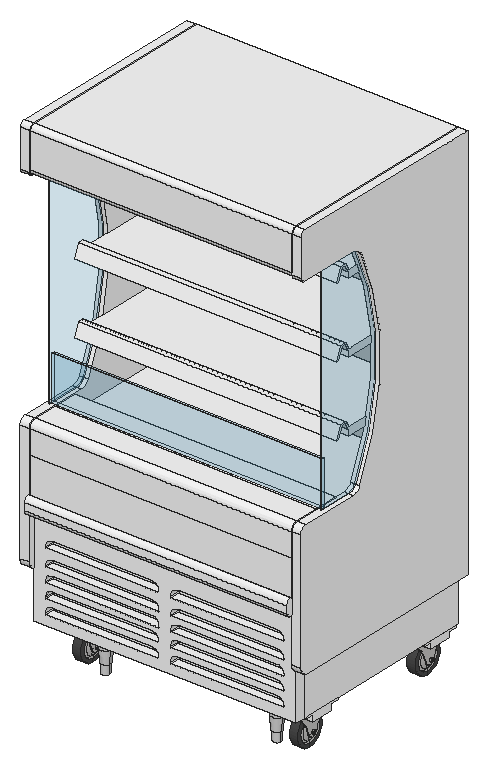
Revit family "QF_EVEREST_EOMV-36-_-28-S_cat", category Specialty Equipment, Revit 2016
Family settings
  Part Type = Normal
  Round Connector Dimension = Use Diameter
  Work Plane-Based = No
  Always vertical = Yes
  Cut with Voids When Loaded = No
  Shared = No
  Room Calculation Point = No
Parameters (values of type "EOMV-36-B-28-S")
  Weight in Pounds = 0
  Watts = if(Phase = 3, Volts * FL Amps * 1.73, Volts * FL Amps)  # 808.45 W
  Volts = 115 V
  URL Cutsheet = ""
  Specification by User = ""
  Specification by Manufacturer = ""
  Serial Number = ""
  Seismic Rating = ""
  SMACNA No = ""
  Revision Code = ""
  Refrigerant Volume = 0.00 kip
  Refrigerant Type = "R290"
  Phase = 1
  Number of Poles = 1
  NAFEM Spec ID Number = ""
  Model = "EOMV-36-B-28-S"
  Min Ckt Ampacity = 0 A
  Max Overcurrent Protection = 0 A
  Materials and Finishes = QF_Plastic - White - Smooth
  Masterspec = ""
  Manufacturer = "EVEREST"
  Length = 37 1/4"
  Item Number = ""
  Installed By = ""
  Identify Quantity as Lot = yes
  Height = 65 1/8"
  HP = "1/2"
  Furnished By = ""
  Foodservice Equipment Identifier = yes
  FL Amps = 7.03 A
  Electrical Remarks = ""
  Electric Connection Type = ""
  Elec Conn RI Height = 0"
  Elec Conn Connection Height = 0"
  Description = "OPEN AIR MERCHANDISERS"
  Depth = 28 3/8"
  Cycle = 60 Hz
  Conn Plug = ""
  Conn Conduit = yes
  CSI MasterFormat = ""
  BTUH = 0.0 Btu/h
  Apparent Power = if(Phase = 3, Volts * FL Amps * 1.73, Volts * FL Amps)  # 808.45 VA
Types (2): name | Model
  EOMV-36-B-28-S | "EOMV-36-B-28-S"
  EOMV-36-W-28-S | "EOMV-36-W-28-S"
Reference planes (in)
  plane 1 "BACK": y = 0
  plane 2: z = 0
  plane 3 "LEFT": x = 0
  plane 4 "RIGHT": x = 37.25
  plane 5 "FRONT": y = -28.375
  plane 6 "TOP": z = 65.125
  plane 7 "Center Y": x = 18.625
  plane 8 "Center X": y = -14.1875
  plane 9: z = 5
  plane 10: z = 28.01517
  plane 11: z = 36.39017
  plane 12: z = 37.39017
  plane 13: z = 45.76517
  plane 14: z = 56.14017
  plane 15: z = 64.51517
Forms (in)
  Extrusion 1, solid, material "QF_Plastic - White - Smooth" <- "Materials and Finishes"
    sketch origin (37.25, 6.625, 0) x (0, -1, 0) y (0, 0, 1)
      loop
        arc (25.51098, 30.01333) -> (24.85902, 30.19682) -> (24.39846, 30.69342) r 1.25
        arc (24.39846, 30.69342) -> (21.05787, 44.53599) -> (24.39332, 58.3798) r 30.3737
        arc (24.39332, 58.3798) -> (24.93646, 58.88614) -> (25.6559, 59.06993) r 1.5
        line (25.6559, 59.06993) -> (33.64975, 59.06993)
        arc (33.64975, 59.06993) -> (34.0033, 59.21637) -> (34.14975, 59.56993) r 0.5
        line (34.14975, 59.56993) -> (34.14975, 64.4962)
        arc (34.14975, 64.4962) -> (33.96557, 64.94083) -> (33.52094, 65.125) r 0.6288
        line (33.52094, 65.125) -> (6.625, 65.125) -> (6.625, 12.267) -> (33.25, 12.267)
        arc (33.25, 12.267) -> (33.95711, 12.55989) -> (34.25, 13.267) r 1
        line (34.25, 13.267) -> (34.25, 29.14509)
        arc (34.25, 29.14509) -> (33.9957, 29.75903) -> (33.38176, 30.01333) r 0.86824
        line (33.38176, 30.01333) -> (25.51098, 30.01333)
    from 0 to 1.22604
  Extrusion 2, solid, material "QF_Plastic - White - Smooth" <- "Materials and Finishes"
    sketch origin (0, 6.625, 0) x (0, 1, 0) y (0, 0, 1)
      loop
        line (-6.625, 65.125) -> (-33.52094, 65.125)
        arc (-33.52094, 65.125) -> (-33.96557, 64.94083) -> (-34.14975, 64.4962) r 0.6288
        line (-34.14975, 64.4962) -> (-34.14975, 59.81993)
        arc (-34.14975, 59.81993) -> (-34.0033, 59.46637) -> (-33.64975, 59.31993) r 0.5
        line (-33.64975, 59.31993) -> (-31.89975, 59.31993) -> (-31.89975, 63.125) -> (-12.625, 63.125) -> (-12.625, 26.017) -> (-33.25, 26.017) -> (-33.25, 21.29979) -> (-34.35184, 21.29979)
        arc (-34.35184, 21.29979) -> (-34.81016, 21.10995) -> (-35, 20.65164) r 0.64816
        line (-35, 20.65164) -> (-35, 19.73115)
        arc (-35, 19.73115) -> (-34.82789, 19.31565) -> (-34.41239, 19.14354) r 0.58761
        line (-34.41239, 19.14354) -> (-33.25, 19.14354) -> (-32.25, 19.14354) -> (-32.25, 6.017) -> (-6.625, 6.017) -> (-6.625, 65.125)
    from 1.22604 to 36.02396
  Extrusion 3, solid, material "QF_Plastic - White - Smooth" <- "Materials and Finishes"
    sketch origin (0, -25.625, 6.017) x (0, 0, 1) y (-1, 0, 0)
      loop
        line (13.12655, -1.22604) -> (0, -1.22604) -> (0, -36.02396) -> (13.12655, -36.02396) -> (13.12655, -1.22604)
      loop
        arc (10.31385, -3.79099) -> (10.02095, -3.08389) -> (9.31385, -2.79099) r 1
        line (9.31385, -2.79099) -> (9.12635, -2.79099) -> (9.12635, -17.85349) -> (9.31385, -17.85349)
        arc (9.31385, -17.85349) -> (10.02095, -17.5606) -> (10.31385, -16.85349) r 1
        line (10.31385, -16.85349) -> (10.31385, -3.79099)
      loop
        line (10.31385, -33.45901) -> (10.31385, -20.39651)
        arc (10.31385, -20.39651) -> (10.02095, -19.6894) -> (9.31385, -19.39651) r 1
        line (9.31385, -19.39651) -> (9.12635, -19.39651) -> (9.12635, -34.45901) -> (9.31385, -34.45901)
        arc (9.31385, -34.45901) -> (10.02095, -34.16611) -> (10.31385, -33.45901) r 1
      loop
        arc (8.06385, -3.79099) -> (7.77095, -3.08389) -> (7.06385, -2.79099) r 1
        line (7.06385, -2.79099) -> (6.87635, -2.79099) -> (6.87635, -17.85349) -> (7.06385, -17.85349)
        arc (7.06385, -17.85349) -> (7.77095, -17.5606) -> (8.06385, -16.85349) r 1
        line (8.06385, -16.85349) -> (8.06385, -3.79099)
      loop
        line (8.06385, -33.45901) -> (8.06385, -20.39651)
        arc (8.06385, -20.39651) -> (7.77095, -19.6894) -> (7.06385, -19.39651) r 1
        line (7.06385, -19.39651) -> (6.87635, -19.39651) -> (6.87635, -34.45901) -> (7.06385, -34.45901)
        arc (7.06385, -34.45901) -> (7.77095, -34.16611) -> (8.06385, -33.45901) r 1
      loop
        arc (6.19272, -3.79099) -> (5.89982, -3.08389) -> (5.19272, -2.79099) r 1
        line (5.19272, -2.79099) -> (5.00522, -2.79099) -> (5.00522, -17.85349) -> (5.19272, -17.85349)
        arc (5.19272, -17.85349) -> (5.89982, -17.5606) -> (6.19272, -16.85349) r 1
        line (6.19272, -16.85349) -> (6.19272, -3.79099)
      loop
        line (6.19272, -33.45901) -> (6.19272, -20.39651)
        arc (6.19272, -20.39651) -> (5.89982, -19.6894) -> (5.19272, -19.39651) r 1
        line (5.19272, -19.39651) -> (5.00522, -19.39651) -> (5.00522, -34.45901) -> (5.19272, -34.45901)
        arc (5.19272, -34.45901) -> (5.89982, -34.16611) -> (6.19272, -33.45901) r 1
      loop
        arc (4.32159, -3.79099) -> (4.02869, -3.08389) -> (3.32159, -2.79099) r 1
        line (3.32159, -2.79099) -> (3.13409, -2.79099) -> (3.13409, -17.85349) -> (3.32159, -17.85349)
        arc (3.32159, -17.85349) -> (4.02869, -17.5606) -> (4.32159, -16.85349) r 1
        line (4.32159, -16.85349) -> (4.32159, -3.79099)
      loop
        line (4.32159, -33.45901) -> (4.32159, -20.39651)
        arc (4.32159, -20.39651) -> (4.02869, -19.6894) -> (3.32159, -19.39651) r 1
        line (3.32159, -19.39651) -> (3.13409, -19.39651) -> (3.13409, -34.45901) -> (3.32159, -34.45901)
        arc (3.32159, -34.45901) -> (4.02869, -34.16611) -> (4.32159, -33.45901) r 1
      loop
        arc (2.45046, -3.79099) -> (2.15757, -3.08389) -> (1.45046, -2.79099) r 1
        line (1.45046, -2.79099) -> (1.26296, -2.79099) -> (1.26296, -17.85349) -> (1.45046, -17.85349)
        arc (1.45046, -17.85349) -> (2.15757, -17.5606) -> (2.45046, -16.85349) r 1
        line (2.45046, -16.85349) -> (2.45046, -3.79099)
      loop
        line (2.45046, -33.45901) -> (2.45046, -20.39651)
        arc (2.45046, -20.39651) -> (2.15757, -19.6894) -> (1.45046, -19.39651) r 1
        line (1.45046, -19.39651) -> (1.26296, -19.39651) -> (1.26296, -34.45901) -> (1.45046, -34.45901)
        arc (1.45046, -34.45901) -> (2.15757, -34.16611) -> (2.45046, -33.45901) r 1
    from 0 to 1.24485
  Extrusion 4, solid, material "QF_Plastic - White - Smooth" <- "Materials and Finishes"
    sketch origin (1.22604, 6.625, 0) x (0, 1, 0) y (0, 0, 1)
      loop
        line (-33.25, 21.29979) -> (-33.25, 26.017) -> (-34.25, 26.017) -> (-34.25, 21.29979) -> (-33.25, 21.29979)
    from 0 to 34.79793
  Extrusion 5, solid, material "QF_Plastic - White - Smooth" <- "Materials and Finishes"
    sketch origin (1.22604, 6.625, 0) x (0, 1, 0) y (0, 0, 1)
      loop
        line (-30, 30.01333) -> (-30, 26.017) -> (-12.625, 26.017) -> (-12.625, 28.01517) -> (-26.875, 28.01517) -> (-26.875, 30.01333) -> (-30, 30.01333)
    from 0 to 34.79793
  Extrusion 6, solid, material "QF_Plastic - White - Smooth" <- "Materials and Finishes"
    sketch origin (0, 6.625, 0) x (0, 1, 0) y (0, 0, 1)
      loop
        line (-31.77475, 6.017) -> (-31.77475, 5.767) -> (-30.71368, 5.767) -> (-30.71368, 5) -> (-27.71368, 5) -> (-27.71368, 5.767) -> (-26.66918, 5.767) -> (-26.66918, 6.017) -> (-31.77475, 6.017)
      loop
        line (-12.20569, 6.017) -> (-12.20569, 5.767) -> (-11.14462, 5.767) -> (-11.14462, 5) -> (-8.14462, 5) -> (-8.14462, 5.767) -> (-7.10012, 5.767) -> (-7.10012, 6.017) -> (-12.20569, 6.017)
    from 1.22604 to 36.02396
  Extrusion 7, solid, material "Glass"
    sketch origin (37.25, 6.625, 0) x (0, 1, 0) y (0, 0, 1)
      loop
        line (-30.14975, 59.06993) -> (-30.14975, 30.01333) -> (-25.51098, 30.01333)
        arc (-25.51098, 30.01333) -> (-24.85902, 30.19682) -> (-24.39846, 30.69342) r 1.25
        arc (-24.39846, 30.69342) -> (-21.05787, 44.53599) -> (-24.39332, 58.3798) r 30.3737
        arc (-24.39332, 58.3798) -> (-24.93646, 58.88614) -> (-25.6559, 59.06993) r 1.5
        line (-25.6559, 59.06993) -> (-30.14975, 59.06993)
    from -0.49624 to -0.69824
  Extrusion 8, solid, material "QF_Plastic - White - Smooth"
    sketch origin (0, 6.625, 0) x (0, 1, 0) y (0, 0, 1)
      loop
        line (-24.8125, 37.39017) -> (-25.3125, 38.25619) -> (-26.0625, 38.25619) -> (-26.80208, 36.67015) -> (-26.66416, 36.67015) -> (-25.98287, 38.13119) -> (-25.38467, 38.13119) -> (-24.8125, 37.14017) -> (-24.8125, 36.39017) -> (-12.625, 36.39017) -> (-12.625, 37.39017) -> (-24.8125, 37.39017)
      loop
        line (-24.8125, 46.76517) -> (-25.3125, 47.63119) -> (-26.0625, 47.63119) -> (-26.80208, 46.04515) -> (-26.66416, 46.04515) -> (-25.98287, 47.50619) -> (-25.38467, 47.50619) -> (-24.8125, 46.51517) -> (-24.8125, 45.76517) -> (-12.625, 45.76517) -> (-12.625, 46.76517) -> (-24.8125, 46.76517)
      loop
        line (-24.8125, 56.14017) -> (-25.3125, 57.00619) -> (-26.0625, 57.00619) -> (-26.80208, 55.42015) -> (-26.66416, 55.42015) -> (-25.98287, 56.88119) -> (-25.38467, 56.88119) -> (-24.8125, 55.89017) -> (-24.8125, 55.14017) -> (-12.625, 55.14017) -> (-12.625, 56.14017) -> (-24.8125, 56.14017)
    from 1.22604 to 36.02396
  Extrusion 9, solid, material "QF_Plastic - White - Smooth" <- "Materials and Finishes"
    sketch origin (0, 0, 0) x (0, 1, 0) y (0, 0, 1)
      loop
        line (-18.88598, 30.01333) -> (-26.75676, 30.01333)
        arc (-26.75676, 30.01333) -> (-27.3707, 29.75903) -> (-27.625, 29.14509) r 0.86824
        line (-27.625, 29.14509) -> (-27.625, 13.267)
        arc (-27.625, 13.267) -> (-27.33211, 12.55989) -> (-26.625, 12.267) r 1
        line (-26.625, 12.267) -> (0, 12.267) -> (0, 65.125) -> (-26.89594, 65.125)
        arc (-26.89594, 65.125) -> (-27.34057, 64.94083) -> (-27.52475, 64.4962) r 0.6288
        line (-27.52475, 64.4962) -> (-27.52475, 59.56993)
        arc (-27.52475, 59.56993) -> (-27.3783, 59.21637) -> (-27.02475, 59.06993) r 0.5
        line (-27.02475, 59.06993) -> (-19.0309, 59.06993)
        arc (-19.0309, 59.06993) -> (-18.31146, 58.88614) -> (-17.76832, 58.3798) r 1.5
        arc (-17.76832, 58.3798) -> (-14.43287, 44.53599) -> (-17.77346, 30.69342) r 30.3737
        arc (-17.77346, 30.69342) -> (-18.23402, 30.19682) -> (-18.88598, 30.01333) r 1.25
    from 0 to 1.22604
  Extrusion 10, solid, material "Glass"
    sketch origin (0, 6.625, 0) x (0, 1, 0) y (0, 0, -1)
      loop
        line (-30.14975, -59.06993) -> (-25.6559, -59.06993)
        arc (-25.6559, -59.06993) -> (-24.93646, -58.88614) -> (-24.39332, -58.3798) r 1.5
        arc (-24.39332, -58.3798) -> (-21.05787, -44.53599) -> (-24.39846, -30.69342) r 30.3737
        arc (-24.39846, -30.69342) -> (-24.85902, -30.19682) -> (-25.51098, -30.01333) r 1.25
        line (-25.51098, -30.01333) -> (-30.14975, -30.01333) -> (-30.14975, -59.06993)
    from -0.49624 to -0.69824
  Extrusion 11, solid, material "QF_Plastic - White - Smooth" <- "Materials and Finishes"
    sketch origin (1.22604, 0, 0) x (0, 1, 0) y (0, 0, 1)
      loop
        line (-27.625, 26.017) -> (-23.375, 26.017) -> (-23.375, 30.01333) -> (-26.75676, 30.01333)
        arc (-26.75676, 30.01333) -> (-27.3707, 29.75903) -> (-27.625, 29.14509) r 0.86824
        line (-27.625, 29.14509) -> (-27.625, 26.017)
    from 0 to 34.79793
  Extrusion 12, solid, material "QF_Plastic - White - Smooth" <- "Materials and Finishes"
    sketch origin (0, -6, 80.69493) x (0, 0, -1) y (1, 0, 0)
      loop
        line (25.55476, 1.22604) -> (33.92976, 1.22604) -> (33.92976, 2.22604) -> (25.55476, 2.22604) -> (25.55476, 1.22604)
      loop
        line (34.92976, 1.22604) -> (43.30476, 1.22604) -> (43.30476, 2.22604) -> (34.92976, 2.22604) -> (34.92976, 1.22604)
      loop
        line (44.30476, 1.22604) -> (54.67793, 1.22604) -> (54.67793, 2.22604) -> (44.30476, 2.22604) -> (44.30476, 1.22604)
      loop
        line (17.56993, 1.22604) -> (24.55476, 1.22604) -> (24.55476, 2.22604) -> (17.56993, 2.22604) -> (17.56993, 1.22604)
      loop
        line (25.55476, 36.02396) -> (25.55476, 35.02396) -> (33.92976, 35.02396) -> (33.92976, 36.02396) -> (25.55476, 36.02396)
      loop
        line (34.92976, 36.02396) -> (34.92976, 35.02396) -> (43.30476, 35.02396) -> (43.30476, 36.02396) -> (34.92976, 36.02396)
      loop
        line (44.30476, 36.02396) -> (44.30476, 35.02396) -> (54.67793, 35.02396) -> (54.67793, 36.02396) -> (44.30476, 36.02396)
      loop
        line (17.56993, 36.02396) -> (17.56993, 35.02396) -> (24.55476, 35.02396) -> (24.55476, 36.02396) -> (17.56993, 36.02396)
    from 0 to 0.5
  Extrusion 13, solid, material "Glass"
    sketch origin (0.69824, -173.375, 77.19493) x (0, 0, -1) y (0, 1, 0)
      loop
        line (47.18159, 150.10025) -> (47.18159, 150.60025) -> (41.18159, 150.60025) -> (41.18159, 150.10025) -> (47.18159, 150.10025)
    from 0 to 35.85352
  Extrusion 14, solid, material "QF_Metal - Stainless - Polished"
    sketch origin (0, 0.75, 0) x (1, 0, 0) y (0, 1, 0)
      loop
        line (17.93111, 0.25) -> (17.62982, -0.625) -> (17.14606, -0.625) -> (17.08777, -0.75) -> (17.71898, -0.75) -> (18.02027, 0.125) -> (19.22973, 0.125) -> (19.53102, -0.75) -> (20.16223, -0.75) -> (20.10394, -0.625) -> (19.62018, -0.625) -> (19.31889, 0.25) -> (17.93111, 0.25)
    from 30.20553 to 31.45625
Lines and regions (in)
  symbolic lines
    curve 1: line (0, -27.625, 0) -> (37.25, -27.625, 0)
    curve 2: line (0, 0, 0) -> (0, -27.625, 0)
    curve 3: line (37.25, 0, 0) -> (0, 0, 0)
    curve 4: line (37.25, -27.625, 0) -> (37.25, 0, 0)
    curve 5: line (1.22604, -28.375, 0) -> (1.22604, -27.625, 0)
    curve 6: line (1.22604, -28.375, 0) -> (36.02396, -28.375, 0)
    curve 7: line (36.02396, -28.375, 0) -> (36.02396, -27.625, 0)
    curve 8: line (1.22604, 0, 0) -> (1.22604, -27.625, 0)
    curve 9: line (36.02396, 0, 0) -> (36.02396, -27.625, 0)
    curve 10: line (19.31889, 1, 0) -> (17.93111, 1, 0)
    curve 11: line (17.14606, 0.125, 0) -> (17.08777, 0, 0)
    curve 12: line (19.62018, 0.125, 0) -> (19.31889, 1, 0)
    curve 13: line (20.10394, 0.125, 0) -> (19.62018, 0.125, 0)
    curve 14: line (20.16223, 0, 0) -> (20.10394, 0.125, 0)
    curve 15: line (19.22973, 0.875, 0) -> (19.53102, 0, 0)
    curve 16: line (18.02027, 0.875, 0) -> (19.22973, 0.875, 0)
    curve 17: line (17.71898, 0, 0) -> (18.02027, 0.875, 0)
    curve 18: line (17.93111, 1, 0) -> (17.62982, 0.125, 0)
    curve 19: line (17.62982, 0.125, 0) -> (17.14606, 0.125, 0)
Dimensions and locks (in)
  equal spacing: plane 3 "LEFT", plane 7 "Center Y", plane 4 "RIGHT"
  "Length": plane 3 "LEFT" to plane 4 "RIGHT"
  equal spacing: plane 5 "FRONT", plane 8 "Center X", plane 1 "BACK"
  "Depth": plane 5 "FRONT" to plane 1 "BACK"
  "Height": plane 6 "TOP" to level
  plane 5 "FRONT" to plane 1 "BACK" = 28 3/8"
  plane 9 to plane 2 = 5"
  plane 4 "RIGHT" to plane 3 "LEFT" = 37 1/4"
  plane 6 "TOP" to plane 9 = 60 1/8"
  Extrusion 1 to level = 30.01333"
  plane 10 to plane 11 = 8 3/8"
  Extrusion 8 to Extrusion 8 = 8 3/8"  (x2)
  Extrusion 8 to plane 15 = 8 3/8"
  Extrusion 5 to Extrusion 8 = 8 3/8"
  Extrusion 5 to Extrusion 12 = 14 1/4"
  aligned and locked: plane 2 to level
Automatic sketch dimensions
  curve 3 to plane 3 "LEFT" = 0"
  plane 5 "FRONT" to curve 6 = 0"
  curve 1 to plane 4 "RIGHT" = 0"
  plane 3 "LEFT" to curve 6 = 1.22604"
  plane 4 "RIGHT" to curve 6 = 1.22604"
  curve 2 to plane 5 "FRONT" = 3/4"
  curve 8 to curve 5 = 0"
  plane 4 "RIGHT" to curve 9 = 1.22604"
  Extrusion 1 sketch curve to plane 1 "BACK" = 0"
  Extrusion 1 sketch curve to plane 6 "TOP" = 0"
  Extrusion 1 sketch curve to plane 10 = 1.99817"
  Extrusion 1 sketch curve to plane 8 "Center X" = 4.69848"
  Extrusion 1 sketch curve to plane 8 "Center X" = 4.8434"
  Extrusion 1 sketch curve to plane 5 "FRONT" = 1 3/4"
  Extrusion 1 sketch curve to plane 5 "FRONT" = 1.61824"
  Extrusion 1 sketch curve to plane 5 "FRONT" = 1.47906"
  Extrusion 1 sketch curve to plane 5 "FRONT" = 1.35025"
  plane 15 to Extrusion 1 sketch curve = 0.01897"
  Extrusion 1 sketch curve to plane 5 "FRONT" = 3/4"
  plane 13 to Extrusion 1 sketch curve = 1.22354"
  plane 5 "FRONT" to Extrusion 1 sketch curve = 16.43157"
  plane 9 to Extrusion 1 sketch curve = 8.267"
  Extrusion 1 sketch curve to Extrusion 1 sketch curve = 1 1/4"
  Extrusion 1 sketch curve to plane 14 = 1.42976"
  Extrusion 1 sketch curve to Extrusion 1 sketch curve = 1 1/2"
  Extrusion 1 sketch curve to Extrusion 1 sketch curve = 1.26258"
  Extrusion 2 sketch curve to plane 5 "FRONT" = 0"
  Extrusion 2 sketch curve to plane 6 "TOP" = 0"
  Extrusion 2 sketch curve to plane 1 "BACK" = 0"
  Extrusion 2 sketch curve to plane 5 "FRONT" = 0.58761"
  Extrusion 2 sketch curve to plane 5 "FRONT" = 0.64816"
  plane 15 to Extrusion 2 sketch curve = 0.01897"
  Extrusion 2 sketch curve to plane 5 "FRONT" = 0.85025"
  Extrusion 2 sketch curve to Extrusion 2 sketch curve = 1/2"
  Extrusion 2 sketch curve to plane 5 "FRONT" = 1 3/4"
  Extrusion 2 sketch curve to Extrusion 2 sketch curve = 1.16239"
  plane 9 to Extrusion 2 sketch curve = 1.017"
  Extrusion 2 sketch curve to plane 5 "FRONT" = 2 3/4"
  Extrusion 2 sketch curve to Extrusion 2 sketch curve = 1.6212"
  plane 10 to Extrusion 2 sketch curve = 8.87162"
  Extrusion 2 sketch curve to Extrusion 2 sketch curve = 0.92048"
  Extrusion 2 sketch curve to plane 14 = 3.17976"
  plane 15 to Extrusion 2 sketch curve = 1.39017"
  Extrusion 3 sketch curve to Extrusion 2 = 0"  (x4)
  Extrusion 2 to Extrusion 3 sketch curve = 1.26296"  (x2)
  Extrusion 3 sketch curve to Extrusion 3 sketch curve = 3/16"  (x16)
  Extrusion 3 sketch curve to Extrusion 3 sketch curve = 1"  (x14)
  Extrusion 3 sketch curve to Extrusion 3 sketch curve = 0.68363"  (x6)
  Extrusion 3 sketch curve to Extrusion 3 sketch curve = 0.87113"  (x4)
  Extrusion 3 sketch curve to Extrusion 3 sketch curve = 1 1/16"  (x2)
  Extrusion 2 to Extrusion 3 sketch curve = 1.56496"  (x3)
  Extrusion 3 sketch curve to Extrusion 3 sketch curve = 13 1/16"
  Extrusion 3 sketch curve to Extrusion 3 sketch curve = 0"  (x7)
  Extrusion 3 sketch curve to Extrusion 3 sketch curve = 1.54301"  (x3)
  Extrusion 2 to Extrusion 3 sketch curve = 2.56496"  (x2)
  Extrusion 4 sketch curve to plane 5 "FRONT" = 3/4"
  Extrusion 4 sketch curve to Extrusion 4 sketch curve = 1"
  plane 10 to Extrusion 4 sketch curve = 6.71537"
  plane 10 to Extrusion 4 sketch curve = 1.99817"
  Extrusion 6 sketch curve to plane 9 = 0"  (x2)
  plane 9 to Extrusion 6 sketch curve = 1.017"  (x2)
  Extrusion 6 sketch curve to plane 5 "FRONT" = 3.22525"
  Extrusion 6 sketch curve to Extrusion 6 sketch curve = 1.06106"  (x2)
  Extrusion 6 sketch curve to Extrusion 6 sketch curve = 3"
  Extrusion 6 sketch curve to Extrusion 6 sketch curve = 1.0445"
  plane 1 "BACK" to Extrusion 6 sketch curve = 5.58069"
  plane 1 "BACK" to Extrusion 6 sketch curve = 1.51962"
  plane 1 "BACK" to Extrusion 6 sketch curve = 0.47512"
  Extrusion 6 sketch curve to Extrusion 6 sketch curve = 0.767"  (x3)
  Extrusion 6 sketch curve to Extrusion 6 sketch curve = 1/4"
  plane 13 to Extrusion 7 sketch curve = 1.22354"
  plane 5 "FRONT" to Extrusion 7 sketch curve = 16.43157"
  Extrusion 7 sketch curve to plane 10 = 1.99817"
  Extrusion 7 sketch curve to plane 5 "FRONT" = 4.85025"
  Extrusion 7 sketch curve to Extrusion 7 sketch curve = 4.49385"
  Extrusion 7 sketch curve to Extrusion 7 sketch curve = 4.63876"
  Extrusion 7 sketch curve to Extrusion 7 sketch curve = 1 1/4"
  Extrusion 7 sketch curve to plane 14 = 1.42976"
  Extrusion 7 sketch curve to plane 14 = 2.92976"
  Extrusion 7 sketch curve to Extrusion 7 sketch curve = 0"
  plane 12 to Extrusion 8 sketch curve = 0"
  plane 13 to Extrusion 8 sketch curve = 0"
  plane 11 to Extrusion 8 sketch curve = 0"
  plane 14 to Extrusion 8 sketch curve = 0"
  Extrusion 8 sketch curve to plane 13 = 0.27999"
  Extrusion 8 sketch curve to plane 8 "Center X" = 5.98958"  (x3)
  plane 14 to Extrusion 8 sketch curve = 0.72001"
  Extrusion 8 sketch curve to plane 11 = 0.27999"
  Extrusion 8 sketch curve to Extrusion 8 sketch curve = 0.13792"  (x3)
  Extrusion 8 sketch curve to plane 13 = 1.86603"
  Extrusion 8 sketch curve to Extrusion 8 sketch curve = 0.60166"  (x3)
  Extrusion 8 sketch curve to plane 14 = 0.86603"
  Extrusion 8 sketch curve to plane 12 = 0.86603"
  Extrusion 8 sketch curve to Extrusion 8 sketch curve = 0.07963"  (x3)
  Extrusion 8 sketch curve to plane 13 = 1.74103"
  Extrusion 8 sketch curve to plane 14 = 0.74103"
  Extrusion 8 sketch curve to Extrusion 8 sketch curve = 0.5982"  (x3)
  Extrusion 8 sketch curve to plane 12 = 0.74103"
  Extrusion 8 sketch curve to Extrusion 8 sketch curve = 0.07217"  (x3)
  Extrusion 8 sketch curve to plane 13 = 1"
  Extrusion 8 sketch curve to Extrusion 8 sketch curve = 0.57217"  (x3)
  Extrusion 8 sketch curve to Extrusion 8 sketch curve = 0"  (x3)
  plane 14 to Extrusion 8 sketch curve = 1/4"
  plane 1 "BACK" to Extrusion 8 sketch curve = 6"  (x3)
  Extrusion 8 sketch curve to Extrusion 8 sketch curve = 1/4"  (x2)
  Extrusion 8 sketch curve to Extrusion 8 sketch curve = 1"
  Extrusion 9 sketch curve to plane 6 "TOP" = 0"
  Extrusion 9 sketch curve to plane 1 "BACK" = 0"
  Extrusion 9 sketch curve to plane 10 = 1.99817"
  Extrusion 9 sketch curve to plane 8 "Center X" = 4.69848"
  Extrusion 9 sketch curve to plane 14 = 1.42976"
  Extrusion 9 sketch curve to plane 8 "Center X" = 4.8434"
  Extrusion 9 sketch curve to plane 5 "FRONT" = 1 3/4"
  Extrusion 9 sketch curve to plane 5 "FRONT" = 1.61824"
  plane 15 to Extrusion 9 sketch curve = 0.01897"
  Extrusion 9 sketch curve to plane 5 "FRONT" = 1.47906"
  Extrusion 9 sketch curve to Extrusion 9 sketch curve = 1/2"
  Extrusion 9 sketch curve to plane 5 "FRONT" = 3/4"
  plane 13 to Extrusion 9 sketch curve = 1.22354"
  plane 5 "FRONT" to Extrusion 9 sketch curve = 16.43157"
  plane 9 to Extrusion 9 sketch curve = 8.267"
  Extrusion 9 sketch curve to Extrusion 9 sketch curve = 1 1/4"
  Extrusion 9 sketch curve to Extrusion 9 sketch curve = 1 1/2"
  Extrusion 9 sketch curve to Extrusion 9 sketch curve = 1.26258"
  plane 13 to Extrusion 10 sketch curve = 1.22354"
  plane 5 "FRONT" to Extrusion 10 sketch curve = 16.43157"
  Extrusion 10 sketch curve to plane 10 = 1.99817"
  Extrusion 10 sketch curve to plane 5 "FRONT" = 4.85025"
  Extrusion 10 sketch curve to Extrusion 10 sketch curve = 4.49385"
  Extrusion 10 sketch curve to Extrusion 10 sketch curve = 4.63876"
  Extrusion 10 sketch curve to plane 14 = 1.42976"
  Extrusion 10 sketch curve to plane 14 = 2.92976"
  Extrusion 10 sketch curve to Extrusion 10 sketch curve = 1 1/4"
  Extrusion 10 sketch curve to Extrusion 10 sketch curve = 0"
  Extrusion 11 sketch curve to Extrusion 9 = 4.14975"
  Extrusion 11 sketch curve to Extrusion 11 sketch curve = 3.12809"
  plane 10 to Extrusion 2 sketch curve = 1.99817"
  plane 1 "BACK" to Extrusion 2 sketch curve = 6"
  Extrusion 12 sketch curve to plane 14 = 0"  (x2)
  Extrusion 12 sketch curve to plane 13 = 0"  (x2)
  Extrusion 12 sketch curve to plane 12 = 0"  (x2)
  Extrusion 12 sketch curve to plane 11 = 0"  (x2)
  plane 15 to Extrusion 12 sketch curve = 1.39017"  (x2)
  plane 10 to Extrusion 12 sketch curve = 1.99817"  (x2)
  plane 3 "LEFT" to Extrusion 12 sketch curve = 1.22604"  (x2)
  Extrusion 12 sketch curve to Extrusion 12 sketch curve = 0"  (x8)
  Extrusion 12 sketch curve to Extrusion 12 sketch curve = 1"  (x6)
  plane 4 "RIGHT" to Extrusion 12 sketch curve = 2.22604"  (x2)
  plane 14 to Extrusion 12 sketch curve = 1"  (x2)
  plane 10 to Extrusion 5 sketch curve = 1.99817"
  Extrusion 5 sketch curve to plane 5 "FRONT" = 5"
  plane 1 "BACK" to Extrusion 5 sketch curve = 6"
  plane 10 to Extrusion 5 sketch curve = 0"
  Extrusion 5 sketch curve to Extrusion 5 sketch curve = 3 1/8"
  Extrusion 5 sketch curve to plane 10 = 1.99817"
  Extrusion 13 sketch curve to plane 11 = 0.37683"
  plane 10 to Extrusion 13 sketch curve = 1.99817"
  plane 5 "FRONT" to Extrusion 13 sketch curve = 5.60025"
  Extrusion 13 sketch curve to Extrusion 13 sketch curve = 1/2"
  plane 1 "BACK" to curve 17 = 0"
  curve 11 to curve 9 = 18.93619"
  curve 11 to curve 11 = 0.05829"
  curve 19 to curve 9 = 18.39414"
  curve 18 to plane 1 "BACK" = 1/8"
  curve 18 to curve 17 = 0.08916"
  curve 18 to curve 10 = 0.30129"
  curve 10 to curve 16 = 0.08916"
  plane 4 "RIGHT" to curve 15 = 18.02027"
  plane 4 "RIGHT" to curve 10 = 17.93111"
  plane 4 "RIGHT" to curve 15 = 17.71898"
  curve 15 to curve 13 = 0.08916"
  curve 12 to curve 13 = 0.48376"
  curve 14 to plane 1 "BACK" = 1/8"
  curve 13 to curve 14 = 0.05829"
  curve 12 to curve 16 = 3/4"
  curve 16 to curve 10 = 1/8"
  plane 1 "BACK" to Extrusion 14 sketch curve = 0"  (x2)
  plane 4 "RIGHT" to Extrusion 14 sketch curve = 20.16223"
  Extrusion 14 sketch curve to plane 1 "BACK" = 1/8"  (x2)
  Extrusion 14 sketch curve to Extrusion 14 sketch curve = 0.05829"  (x2)
  Extrusion 14 sketch curve to Extrusion 14 sketch curve = 0.48376"  (x2)
  Extrusion 14 sketch curve to Extrusion 14 sketch curve = 0.08916"  (x3)
  Extrusion 14 sketch curve to Extrusion 14 sketch curve = 0.30129"
  plane 4 "RIGHT" to Extrusion 14 sketch curve = 18.02027"
  plane 4 "RIGHT" to Extrusion 14 sketch curve = 17.93111"
  plane 4 "RIGHT" to Extrusion 14 sketch curve = 17.71898"
  Extrusion 14 sketch curve to Extrusion 14 sketch curve = 3/4"
  Extrusion 14 sketch curve to Extrusion 14 sketch curve = 1/8"
  radius of Extrusion 11 sketch curve to Extrusion 9 = 0"
Nested families (in)
  nested 1: "5 INCHES 01_CASTER 2" at (4.24624, -22.51899, 0), type "5 INCHES 01_CASTER 2"
    with Type Mark "", Specification by User "", Revision Code "", Item Number "", Installed By "", Identify Quantity as Lot yes, Furnished By "", Foodservice Equipment Identifier yes
  nested 2: "5 INCHES 01_CASTER 2" at (33.00376, -22.51899, 0), type "5 INCHES 01_CASTER 2"
    with Type Mark "", Specification by User "", Revision Code "", Item Number "", Installed By "", Identify Quantity as Lot yes, Furnished By "", Foodservice Equipment Identifier yes
  nested 3: "5 INCHES 01_CASTER 2" at (4.24624, -3.01962, 0), type "5 INCHES 01_CASTER 2"
    with Type Mark "", Specification by User "", Revision Code "", Item Number "", Installed By "", Identify Quantity as Lot yes, Furnished By "", Foodservice Equipment Identifier yes
  nested 4: "5 INCHES 01_CASTER 2" at (33.00376, -3.01962, 0), type "5 INCHES 01_CASTER 2"
    with Type Mark "", Specification by User "", Revision Code "", Item Number "", Installed By "", Identify Quantity as Lot yes, Furnished By "", Foodservice Equipment Identifier yes
  nested 5: "4 INCHES LEGS" at (7.24624, -22.51899, 0), type "4 INCHES LEGS"
    with Type Mark "", Status "", Specification by User "", Show Legs yes, Show 6" Casters yes, Revision Code "", Item Number "", Installed By "", Identify Quantity as Lot yes, Furnished By "", Foodservice Equipment Identifier yes
  nested 6: "4 INCHES LEGS" at (30.00376, -22.51899, 0) x (-1, 0, 0) z (0, 0, 1), type "4 INCHES LEGS"
    with Type Mark "", Status "", Specification by User "", Show Legs yes, Show 6" Casters yes, Revision Code "", Item Number "", Installed By "", Identify Quantity as Lot yes, Furnished By "", Foodservice Equipment Identifier yes
Connectors (in)
  electrical at (19.84662, 0, 30.83089), driven by "Volts", driven by "Watts"
    settings: on Extrusion 14, index 3, voltage 115 V, apparent load 808.45 VA, apparent load phase1 0 VA, apparent load phase2 0 VA, apparent load phase3 0 VA, power factor 1, load classification "Other", number of poles 1, system type 30, power factor state 1, is connector primary yes, connector utility no, sub classification motor no, connector description "ELECTRICAL CONNECTION"
Definition of nested family "5 INCHES 01_CASTER 2"
  Parameters (values of type "5 INCHES 01_CASTER 2")
    Weight = ""
    URL Manufacturer = ""
    URL Cutsheet = ""
    URL = ""
    Type Mark [instance] = ""
    Specification by User [instance] = ""
    Specification by Manufacturer = ""
    Serial Number = ""
    Seismic Rating = ""
    SMACNA No = ""
    Revision Code [instance] = ""
    Omniclass Number and Title = ""
    NAFEM Spec ID Number = ""
    Model = ""
    MasterSpec. = ""
    Manufacturer = ""
    Item Number [instance] = ""
    Installed By [instance] = ""
    Identify Quantity as Lot [instance] = yes
    Furnished By [instance] = ""
    Foodservice Equipment Identifier [instance] = yes
    Description = ""
    CSI MasterFormat = ""
    CSI Master Format = ""
    Assembly Code = ""
  Reference planes (in)
    plane 1: z = 0
    plane 2 "RIGHT": x = 0
    plane 3 "FRONT": y = 0
    plane 4 "TOP": z = 5
  Forms (in)
    Revolve 1, solid
      sketch origin (-1.93794, 0.99859, -1.0041) x (1, 0, 0) y (0, 0, 1)
        loop
          line (0.74055, 3.0041) -> (0.74055, 2.9286) -> (0.79055, 2.8786) -> (0.85055, 2.8786) -> (0.85055, 2.75852) -> (1.235, 2.75852) -> (1.235, 2.56618) -> (1.37557, 2.48502) -> (1.49133, 1.76972) -> (1.34375, 1.76972) -> (1.34375, 1.53535) -> (1.375, 1.53535) -> (1.375, 1.0041) -> (2.48438, 1.0041) -> (2.48438, 1.53535) -> (2.51563, 1.53535) -> (2.51563, 1.76972) -> (2.36805, 1.76972) -> (2.48438, 2.48853) -> (2.62438, 2.56936) -> (2.62438, 2.75852) -> (3.04007, 2.75852) -> (3.04007, 2.8786) -> (3.10007, 2.8786) -> (3.15007, 2.9286) -> (3.15007, 3.0041) -> (0.74055, 3.0041)
        axis (0.74055, 3.0041) -> (3.15007, 3.0041)
      angle from 0 to 360
    Extrusion 2, solid
      sketch origin (-1.93794, 1.96337, -0.7541) x (0, 1, 0) y (0, 0, 1)
        loop
          line (-3.37739, 5.33423) -> (-3.37739, 4.92712) -> (-2.49294, 4.92712)
          arc (-2.49294, 4.92712) -> (-1.47209, 4.91752) -> (-0.46376, 4.75787) r 6.92153
          arc (-0.46376, 4.75787) -> (0.14199, 4.53396) -> (0.67481, 4.16904) r 2.62713
          line (0.67481, 4.16904) -> (0.7876, 4.33012)
          arc (0.7876, 4.33012) -> (0.48098, 4.5674) -> (0.13288, 4.73811) r 1.91675
          line (0.13288, 4.73811) -> (0.21197, 4.87494)
          arc (0.21197, 4.87494) -> (-0.1576, 5.02102) -> (-0.54934, 5.08775) r 1.91675
          line (-0.54934, 5.08775) -> (-0.54934, 5.33423) -> (-3.37739, 5.33423)
      from 1.17357 to 2.70231
    Revolve 3, solid
      sketch origin (0, 2.15543, -1.25) x (0, 1, 0) y (0, 0, 1)
        loop
          line (-2.21793, 6.25) -> (-2.21793, 5.83014) -> (-1.05793, 5.83014) -> (-1.05793, 6.25) -> (-2.21793, 6.25)
        axis (-2.21793, 5.83014) -> (-2.21793, 6.25)
      angle from 0 to 360
    Extrusion 4, solid
      sketch origin (-1.98481, 1.96337, -0.7541) x (0, 1, 0) y (0, 0, 1)
        loop
          line (-3.37739, 5.33423) -> (-3.37739, 4.92712) -> (-3.13361, 4.92712)
          arc (-3.13361, 4.92712) -> (-2.12623, 3.92533) -> (-1.55834, 2.62307) r 3.79122
          arc (-1.55834, 2.62307) -> (-0.81477, 2.14247) -> (-0.31772, 2.87515) r 0.63314
          arc (-0.31772, 2.87515) -> (-0.02244, 3.67728) -> (0.68637, 4.15498) r 1.39003
          line (0.68637, 4.15498) -> (0.7876, 4.33012)
          arc (0.7876, 4.33012) -> (0.48098, 4.5674) -> (0.13288, 4.73811) r 1.91675
          line (0.13288, 4.73811) -> (0.21197, 4.87494)
          arc (0.21197, 4.87494) -> (-0.1576, 5.02102) -> (-0.54934, 5.08775) r 1.91675
          line (-0.54934, 5.08775) -> (-0.54934, 5.33423) -> (-3.37739, 5.33423)
      from 2.74918 to 2.90825
    Extrusion 5, solid
      sketch origin (1.98481, 1.96337, -0.7541) x (0, 1, 0) y (0, 0, -1)
        loop
          line (-3.37739, -5.33423) -> (-0.54934, -5.33423) -> (-0.54934, -5.08775)
          arc (-0.54934, -5.08775) -> (-0.1576, -5.02102) -> (0.21197, -4.87494) r 1.91675
          line (0.21197, -4.87494) -> (0.13288, -4.73811)
          arc (0.13288, -4.73811) -> (0.48098, -4.5674) -> (0.7876, -4.33012) r 1.91675
          line (0.7876, -4.33012) -> (0.68637, -4.15498)
          arc (0.68637, -4.15498) -> (-0.02244, -3.67728) -> (-0.31772, -2.87515) r 1.39003
          arc (-0.31772, -2.87515) -> (-0.81477, -2.14247) -> (-1.55834, -2.62307) r 0.63314
          arc (-1.55834, -2.62307) -> (-2.12623, -3.92533) -> (-3.13361, -4.92712) r 3.79122
          line (-3.13361, -4.92712) -> (-3.37739, -4.92712) -> (-3.37739, -5.33423)
      from 2.74918 to 2.90825
  Cuts and joins
    joined: Extrusion 2, Extrusion 4, Extrusion 5
  Lines and regions (in)
    symbolic lines
      curve 1: line (0.54262, 2.21348, 0) -> (1.50337, 1.65879, 0)
      curve 2: line (-1.45738, -1.25062, 0) -> (-0.70738, 0.04842, 0)
      curve 3: line (-0.49663, -1.80531, 0) -> (-1.45738, -1.25062, 0)
      curve 4: line (1.50337, 1.65879, 0) -> (0.75337, 0.35975, 0)
      curve 5: line (-0.20738, 0.91444, 0) -> (0.54262, 2.21348, 0)
      curve 6: line (0.25337, -0.50627, 0) -> (-0.49663, -1.80531, 0)
  Dimensions and locks (in)
    plane 4 "TOP" to level = 5"  (x2)
    aligned and locked: level to plane 1
Definition of nested family "4 INCHES LEGS"
  Parameters (values of type "4 INCHES LEGS")
    Weight = ""
    URL Manufacturer = ""
    URL Cutsheet = ""
    URL = ""
    Type Mark [instance] = ""
    Status [instance] = ""
    Specification by User [instance] = ""
    Specification by Manufacturer = ""
    Show Legs [instance] = yes
    Show 6" Casters [instance] = yes
    Serial Number = ""
    Seismic Rating = ""
    SMACNA No = ""
    Revision Code [instance] = ""
    Omniclass Number and Title = ""
    NAFEM Spec ID Number = ""
    Model = ""
    MasterSpec. = ""
    Manufacturer = ""
    Item Number [instance] = ""
    Installed By [instance] = ""
    Identify Quantity as Lot [instance] = yes
    Furnished By [instance] = ""
    Foodservice Equipment Identifier [instance] = yes
    Description = ""
    CSI MasterFormat = ""
    CSI Master Format = ""
    Assembly Code = ""
  Reference planes (in)
    plane 1: z = 0
    plane 2 "RIGHT": x = 0
    plane 3 "FRONT": y = 0
    plane 4 "TOP": z = 5
  Forms (in)
    Revolve 1, solid, visible <- "Show Legs"
      sketch origin (11.12172, 0, 0) x (-1, 0, 0) y (0, 0, -1)
        loop
          line (11.12172, -5) -> (11.12172, 0) -> (10.62172, 0) -> (10.62172, -1.30261) -> (10.49672, -1.30261) -> (10.37172, -3.02631) -> (10.37172, -4.75) -> (10.12172, -4.75) -> (10.12172, -5) -> (11.12172, -5)
        axis (11.12172, 0) -> (11.12172, -5)
      angle from 0 to 360
  Dimensions and locks (in)
    plane 4 "TOP" to level = 5"  (x2)
    locked: Revolve 1 sketch curve to Revolve 1 sketch curve at 1.30261
    locked: Revolve 1 sketch curve to Revolve 1 sketch curve at 0.75
    aligned and locked: level to plane 1
